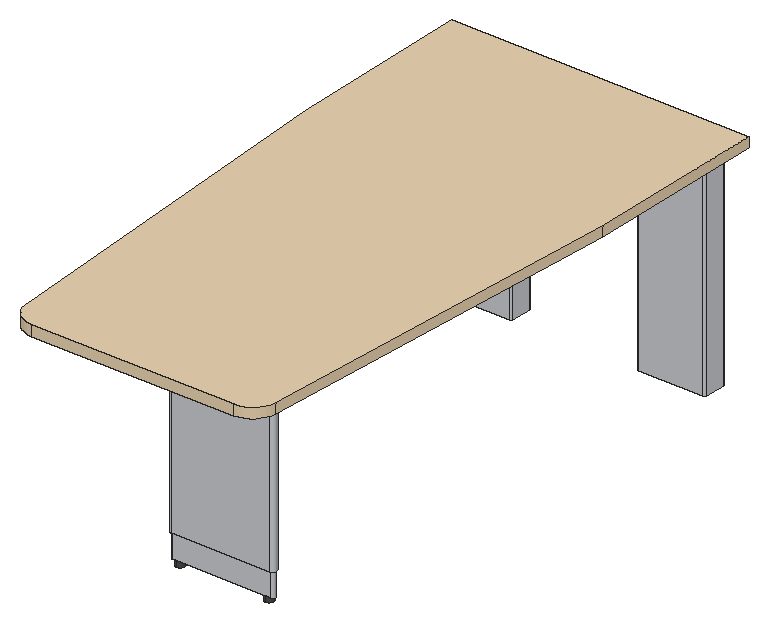
Revit family "Workstations-Multi_Level-Teknion-B_ATHP_HA_Tapered_Peninsula_High_Secondary_Desk_Bevel_Post_Leg-R2018", category Furniture, Revit 2018
Family settings
  OmniClass Number = 23.40.20.00
  OmniClass Title = General Furniture and Specialties
  Work Plane-Based = No
  Always vertical = Yes
  Cut with Voids When Loaded = No
  Shared = Yes
  Room Calculation Point = No
Parameters (values of type "1-3/16" Worksurface Thickness, Extended Range - 29" to 48", 35" Depth")
  Worksurface Thickness = 1.189"
  Worksurface Finish [instance] = Foundation Laminate - Teknion - HX - Costal Elm
  Width [instance] = 69.000"
  Warranty = "http://www.teknion.com/ca/papers/legal-canada"
  Unit Weight URL = "http://www.teknion.com/ca/tools/assets#&asset=bee6a381-b954-425e-8283-5a2de3a804f2,f828d448-4b62-4231-9e5f-9a8991c0ed77"
  URL = "www.teknion.com"
  To render please download texture images found here [instance] = "https://assets.teknion.com/web/5e81352c1dfdb467/revit-material-swatches/"
  Sustainability Data = "https://www.teknion.com/ca/tools/assets#&topic=216f99a5-57a0-44fc-b10a-9dee9b29ae4c&asset=444deb64-fe58-4b68-981e-f75e97781df7,b4ff2d81-9f2e-437d-9659-7cffb09c31cf"
  Suspended Modesty Panel Options [instance] = if(Depth = 45.760", "No Suspended Modesty Panel only applicable option with 46\" Depth", "Select one of the options below:")  # "Select one of the options below:"
  Suspended Modesty Panel Height Options [instance] = "Select one of the options below:"  # constant formula
  Suspended Modesty Panel - Solid Finish [instance] = Veneer-Teknion-5T-Flintwood-White_Truffle (Long Grain)
  Suspended Modesty Panel - Solid [instance] = no
  Suspended Modesty Panel - Metal Finish [instance] = Paint - Teknion - Mica - Very White
  Suspended Modesty Panel - Metal [instance] = no
  Suspended Modesty Panel - Glass Hardware Finish [instance] = Paint - Teknion - Mica - Very White
  Suspended Modesty Panel - Glass Finish [instance] = Glass - Teknion - FT - Frosted Glass
  Suspended Modesty Panel - Glass [instance] = no
  Suspended Modesty Panel - Felt Finish [instance] = Fabric-Teknion-RB13-Carrera
  Suspended Modesty Panel - Felt [instance] = no
  Square Grommet Cut-out Hole Depth [instance] = if(Has Offset Rectangular & Square Grommet, Actual Height, Actual Height - 2.000")  # 25.807"
  Series = "Expansion Casegoods"  # constant formula
  Secondary Desk Offset [instance] = if([Connects to 20" Depth High Secondary Desk], 19.000", 23.000")  # 19.000"
  Rectangle [instance] = or(Has Offset Rectangular Grommet, Has Offset Rectangular & Square Grommet)  # no
  Product Page URL = "https://www.teknion.com/ca/products/product-details?productLineId=0053336e-8e7a-673b-a6c8-ff00004460c4"
  Product Line = "Expansion Casegoods"  # constant formula
  Product Documentation Link #5 = "https://www.teknion.com/pricing/expansion-casegoods/pdfs/BASMM_ppg.pdf"
  Product Documentation Link #4 = "https://www.teknion.com/pricing/expansion-casegoods/pdfs/BASMG_ppg.pdf"
  Product Documentation Link #3 = "https://www.teknion.com/pricing/expansion-casegoods/pdfs/BASML_ppg.pdf"
  Product Documentation Link #2 = "https://www.teknion.com/pricing/expansion-casegoods/pdfs/BASME_ppg.pdf"
  Product Documentation Link = "https://www.teknion.com/pricing/expansion-casegoods/pdfs/B_ATHP_ppg.pdf"
  Part Number = "B_ATHP"  # constant formula
  No Suspended Modesty Panel [instance] = and(not([Suspended Modesty Panel - Felt]), not([Suspended Modesty Panel - Glass]), not([Suspended Modesty Panel - Solid]), not([Suspended Modesty Panel - Metal]))  # yes
  Modesty Panel Height [instance] = if([6" Height Suspended Modesty Panel], 6.636", 10.009")  # 6.636"
  Model = "BMATHPE35____"
  Manufacturer Phone = "416-661-3370"  # constant formula
  Manufacturer Fax = "416.661.4586"  # constant formula
  Manufacturer Contact Information = "http://www.teknion.com/ca/contactus"
  Manufacturer Address = "1150 Flint Road, Toronto, ON. M3J 2J5. Canada"  # constant formula
  Manufacturer = "Teknion"  # constant formula
  Leg Offset = 22.885"
  How To Use Teknion Materials User Guide [instance] = "https://assets.teknion.com/m/205dd0a49fa58060/original/How-to-add-a-Material-Library-and-Texture-Images-to-your-Revit-project.pdf"
  Height [instance] = 29.000"
  Has Offset Rectangular Grommet [instance] = no
  Has Offset Rectangular & Square Grommet [instance] = no
  Has No Grommet [instance] = not(or(Has Offset Rectangular & Square Grommet, Has Offset Rectangular Grommet))  # yes
  Grommet Option Note [instance] = if(Depth = 45.760", "No Grommet only applicable option with 46\" Depth", "Select one option below")  # "Select one option below"
  Grommet Finish [instance] = Paint - Teknion - Mica - Anthracite
  For Additional Finishes please visit [instance] = "https://assets.teknion.com/m/44a8009b046e5d47/original/Teknion_Materials_Library.zip"
  Description = "Height-Adjustable Tapered Peninsula – High Secondary Desk – Bevel post Leg,1-3/16\" Worksurface Thickness, Extended Range - 29\" to 48\", 35\" Depth"
  Connection to Secndary Desk Note [instance] = "Select one option below"  # constant formula
  Depth = 35.000"
  Connection Node Visibility [instance] = yes
  Base Finish [instance] = Paint - Teknion - Foundation - Very White
  Available Widths [instance] = "69\", 75\", 81\", and 87\""  # constant formula
  Available Heights [instance] = "29\" to 48\" in 1\" increments."  # constant formula
  Assembly Code = "E2020200"
  Actual Height [instance] = Height - 1.193"  # 27.807"
  Connects to 24" Depth High Secondary Desk [instance] = no
  Connects to 20" Depth High Secondary Desk [instance] = not([Connects to 24" Depth High Secondary Desk])  # yes
  6" Height Suspended Modesty Panel [instance] = not([10" Height Suspended Modesty Panel])  # yes
  10" Height Suspended Modesty Panel [instance] = no
Types (7): name | Worksurface Thickness | Width | Suspended Modesty Panel Options | Model | Leg Offset | Grommet Option Note | Description | Depth
  (no name) | 1.189" | 69.000" | "Select one of the options below:" | "BMATHPE35____" | 22.885" | "Select one option below" | "Height-Adjustable Tapered Peninsula – High Secondary Desk – Bevel post Leg,1-3/16\" Worksurface Thickness, Extended Range - 29\" to 48\", 35\" Depth" | 35.000"
  1-3/16" Worksurface Thickness, Extended Range - 29" to 48", 46" Depth | 1.189" | 69.000" | "No Suspended Modesty Panel only applicable option with 46\" Depth" | "BMATHPE46____" | 25.373" | "No Grommet only applicable option with 46\" Depth" | "Height-Adjustable Tapered Peninsula – High Secondary Desk – Bevel post Leg,1-3/16\" Worksurface Thickness, Extended Range - 29\" to 48\", 46\" Depth" | 45.760"
  1-9/16" Worksurface Thickness, Extended Range - 29" to 48", 46" Depth | 1.555" | 87.000" | "No Suspended Modesty Panel only applicable option with 46\" Depth" | "BXATHPE46____" | 25.373" | "No Grommet only applicable option with 46\" Depth" | "Height-Adjustable Tapered Peninsula – High Secondary Desk – Bevel post Leg,1-9/16\" Worksurface Thickness, Extended Range - 29\" to 48\", 46\" Depth" | 45.760"
  1-3/16" Worksurface Thickness, Extended Range - 29" to 48", 41" Depth | 1.189" | 69.000" | "Select one of the options below:" | "BMATHPE41____" | 28.855" | "Select one option below" | "Height-Adjustable Tapered Peninsula – High Secondary Desk – Bevel post Leg,1-3/16\" Worksurface Thickness, Extended Range - 29\" to 48\", 41\" Depth" | 41.000"
  1-3/16" Worksurface Thickness, Extended Range - 29" to 48", 35" Depth | 1.189" | 69.000" | "Select one of the options below:" | "BMATHPE35____" | 22.885" | "Select one option below" | "Height-Adjustable Tapered Peninsula – High Secondary Desk – Bevel post Leg,1-3/16\" Worksurface Thickness, Extended Range - 29\" to 48\", 35\" Depth" | 35.000"
  1-9/16" Worksurface Thickness, Extended Range - 29" to 48", 41" Depth | 1.555" | 69.000" | "Select one of the options below:" | "BXATHPE41____" | 28.855" | "Select one option below" | "Height-Adjustable Tapered Peninsula – High Secondary Desk – Bevel post Leg,1-9/16\" Worksurface Thickness, Extended Range - 29\" to 48\", 41\" Depth" | 41.000"
  1-9/16" Worksurface Thickness, Extended Range - 29" to 48", 35" Depth | 1.555" | 69.000" | "Select one of the options below:" | "BXATHPE35____" | 22.885" | "Select one option below" | "Height-Adjustable Tapered Peninsula – High Secondary Desk – Bevel post Leg,1-9/16\" Worksurface Thickness, Extended Range - 29\" to 48\", 35\" Depth" | 35.000"
Reference planes (in)
  plane 1 "Center Front/Back": y = -2.68685
  plane 2: z = 0
  plane 3 "Center Left/Right": x = -1.98841
  plane 4 "Left": x = -19.48841
  plane 5 "Right": x = 15.51159
  plane 6 "Back": y = 31.81315
  plane 7 "Front": y = -37.18685
  plane 8 "Top": z = 27.807
  plane 9: z = 28.996
  plane 10: x = -13.43091
  plane 11: x = 9.45409
  plane 12: y = 12.81315
  plane 13: y = -23.18685
  plane 14: x = -7.98841
  plane 15: z = 21.171
Forms (in)
  Sweep 1, solid, material "Foundation Laminate - Teknion - HX - Costal Elm" <- "Worksurface Finish"
    path origin (0, -2.68685, 0) x (1, 0, 0) y (0, 0, 1)
      loop
        line (-1.98841, 28.996) -> (-1.98841, 27.807)
    profile origin (-1.98841, -2.68685, 28.4015) x (0, -1, 0) y (1, 0, 0)
      loop
        line (34.5, -11.89985) -> (34.5, 11.89985)
        arc (34.5, 11.89985) -> (33.71884, 13.86999) -> (31.79986, 14.76953) r 2.875
        line (31.79986, 14.76953) -> (-13.01123, 17.5) -> (-34.5, 17.5) -> (-34.5, -17.5) -> (-13.01123, -17.5) -> (31.79986, -14.76953)
        arc (31.79986, -14.76953) -> (33.71884, -13.86999) -> (34.5, -11.89985) r 2.875
  Sweep 2, solid, material "Paint - Teknion - Foundation - Very White" <- "Base Finish"
    path origin (-1.98841, 0, 0) x (0, 1, 0) y (0, 0, 1)
      loop
        line (-22.8324, 0.60236) -> (-22.8324, 3.44873)
    profile origin (-1.98841, -22.8324, 2.02555) x (0, -1, 0) y (1, 0, 0)
      loop
        arc (0.67491, -5.95568) -> (1.00671, -6.08305) -> (1.22059, -5.79921) r 0.29528
        line (1.22059, -5.79921) -> (1.22059, 5.79921)
        arc (1.22059, 5.79921) -> (1.00671, 6.08305) -> (0.67491, 5.95568) r 0.29528
        line (0.67491, 5.95568) -> (-1.22059, 2.92225) -> (-1.22059, -2.92225) -> (0.67491, -5.95568)
  Sweep 3, solid, material "Paint - Teknion - Foundation - Very White" <- "Base Finish"
    path origin (-1.98841, 0, 0) x (0, 1, 0) y (0, 0, 1)
      loop
        line (-22.8324, 3.44873) -> (-22.8324, 27.61802)
    profile origin (-1.98841, -22.8324, 15.53338) x (0, -1, 0) y (1, 0, 0)
      loop
        line (-1.35445, -2.96063) -> (0.56139, -6.02662)
        arc (0.56139, -6.02662) -> (1.0436, -6.21172) -> (1.35445, -5.79921) r 0.42913
        line (1.35445, -5.79921) -> (1.35445, 5.79921)
        arc (1.35445, 5.79921) -> (1.0436, 6.21172) -> (0.56139, 6.02662) r 0.42913
        line (0.56139, 6.02662) -> (-1.35445, 2.96063) -> (-1.35445, -2.96063)
  Sweep 4, solid, material "Plastic - Teknion - E - Ebony"
    path origin (-1.98841, 0, 0) x (0, 1, 0) y (0, 0, 1)
      loop
        line (-23.61462, 0) -> (-23.61462, 0.60236)
    profile origin (-1.98841, -23.61462, 0.30118) x (0, -1, 0) y (1, 0, 0)
      loop
        circle (-0.0137, -5.24899) r 0.5
      loop
        circle (-0.0137, 5.24899) r 0.5
  Sweep 5, solid, material "Paint - Teknion - Foundation - Very White" <- "Base Finish"
    path origin (-1.98841, 0, 0) x (0, 1, 0) y (0, 0, 1)
      loop
        line (-22.8324, 27.61802) -> (-22.8324, 27.807)
    profile origin (-1.98841, -22.8324, 27.71251) x (0, -1, 0) y (1, 0, 0)
      loop
        line (-4.92508, -6.29921) -> (3.81508, -6.29921) -> (3.81508, 6.29921) -> (-4.92508, 6.29921) -> (-4.92508, -6.29921)
  Sweep 6, solid, material "Paint - Teknion - Foundation - Very White" <- "Base Finish"
    path origin (-1.98841, 0, 0) x (0, 1, 0) y (0, 0, 1)
      loop
        line (-19.05225, 27.807) -> (-19.05225, 25.99598)
    profile origin (-1.98841, -19.05225, 26.90149) x (1, 0, 0) y (0, 1, 0)
      loop
        line (-1.89961, 2.14886) -> (-1.89961, -2.4257) -> (1.89961, -2.4257) -> (1.89961, 2.14886) -> (-1.89961, 2.14886)
  Sweep 7, solid, material "Paint - Teknion - Foundation - Very White" <- "Base Finish"
    path origin (0, 0, 0) x (1, 0, 0) y (0, 1, 0)
      loop
        line (-1.98841, -16.90339) -> (-1.98841, 10.81315)
    profile origin (-1.98841, -3.04512, 0) x (-1, 0, 0) y (0, 0, 1)
      loop
        line (3, 27.807) -> (-3, 27.807) -> (-3, 25.80709) -> (3, 25.80709) -> (3, 27.807)
  Sweep 8, solid, material "Paint - Teknion - Foundation - Very White" <- "Base Finish"
    path origin (0, -2.68685, 0) x (1, 0, 0) y (0, 0, 1)
      loop
        line (-1.98841, 2.41339) -> (-1.98841, 27.807)
    profile origin (-1.98841, -2.68685, 15.11019) x (-1, 0, 0) y (0, -1, 0)
      loop
        arc (7.66691, -30.68898) -> (7.49013, -30.7622) -> (7.41691, -30.93898) r 0.25
        line (7.41691, -30.93898) -> (7.41691, -33.37205)
        arc (7.41691, -33.37205) -> (7.49013, -33.54882) -> (7.66691, -33.62205) r 0.25
        line (7.66691, -33.62205) -> (15.21809, -33.62205)
        arc (15.21809, -33.62205) -> (15.39487, -33.54882) -> (15.46809, -33.37205) r 0.25
        line (15.46809, -33.37205) -> (15.46809, -30.93898)
        arc (15.46809, -30.93898) -> (15.39487, -30.7622) -> (15.21809, -30.68898) r 0.25
        line (15.21809, -30.68898) -> (7.66691, -30.68898)
      loop
        line (-7.66691, -30.68898) -> (-15.21809, -30.68898)
        arc (-15.21809, -30.68898) -> (-15.39487, -30.7622) -> (-15.46809, -30.93898) r 0.25
        line (-15.46809, -30.93898) -> (-15.46809, -33.37205)
        arc (-15.46809, -33.37205) -> (-15.39487, -33.54882) -> (-15.21809, -33.62205) r 0.25
        line (-15.21809, -33.62205) -> (-7.66691, -33.62205)
        arc (-7.66691, -33.62205) -> (-7.49013, -33.54882) -> (-7.41691, -33.37205) r 0.25
        line (-7.41691, -33.37205) -> (-7.41691, -30.93898)
        arc (-7.41691, -30.93898) -> (-7.49013, -30.7622) -> (-7.66691, -30.68898) r 0.25
  Sweep 9, solid, material "Paint - Teknion - Foundation - Very White" <- "Base Finish"
    path origin (0, -2.68685, 0) x (1, 0, 0) y (0, 0, 1)
      loop
        line (-1.98841, 27.05906) -> (-1.98841, 27.807)
    profile origin (-1.98841, -2.68685, 27.43303) x (-1, 0, 0) y (0, -1, 0)
      loop
        line (13.34211, -26.32874) -> (9.54289, -26.32874) -> (9.54289, -30.68898) -> (13.34211, -30.68898) -> (13.34211, -26.32874)
      loop
        line (-13.34211, -26.32874) -> (-13.34211, -30.68898) -> (-9.54289, -30.68898) -> (-9.54289, -26.32874) -> (-13.34211, -26.32874)
  Sweep 10, void
    path origin (0, -2.68685, 0) x (1, 0, 0) y (0, 0, 1)
      loop
        line (-1.98841, 25.807) -> (-1.98841, 27.807)
    profile origin (-1.98841, -2.68685, 26.807) x (-1, 0, 0) y (0, -1, 0)
      loop
        arc (4.46457, -12.02362) -> (4.75687, -11.90254) -> (4.87795, -11.61024) r 0.41339
        line (4.87795, -11.61024) -> (4.87795, -10.42126)
        arc (4.87795, -10.42126) -> (4.75687, -10.12895) -> (4.46457, -10.00787) r 0.41339
        line (4.46457, -10.00787) -> (3.27559, -10.00787)
        arc (3.27559, -10.00787) -> (2.98328, -10.12895) -> (2.8622, -10.42126) r 0.41339
        line (2.8622, -10.42126) -> (2.8622, -11.61024)
        arc (2.8622, -11.61024) -> (2.98328, -11.90254) -> (3.27559, -12.02362) r 0.41339
        line (3.27559, -12.02362) -> (4.46457, -12.02362)
  Sweep 11, solid, material "Paint - Teknion - Mica - Anthracite" <- "Grommet Finish", visible <- "Rectangle"
    path origin (0, -2.68685, 0) x (1, 0, 0) y (0, 0, 1)
      loop
        line (-1.98841, 28.996) -> (-1.98841, 29.15248)
    profile origin (-1.98841, -2.68685, 29.07424) x (-1, 0, 0) y (0, -1, 0)
      loop
        line (7.98811, -11.49468) -> (7.98811, -9.21607) -> (8.41346, -9.21607) -> (8.41346, -11.49468) -> (9.62282, -11.49468) -> (9.62282, -7.68859) -> (6.77876, -7.68859) -> (6.77876, -11.49468) -> (7.98811, -11.49468)
  Sweep 12, solid, material "Paint - Teknion - Mica - Anthracite" <- "Grommet Finish", visible <- "Rectangle"
    path origin (0, -2.68685, 0) x (1, 0, 0) y (0, 0, 1)
      loop
        line (-1.98841, 28.996) -> (-1.98841, 29.15248)
    profile origin (-1.98841, -2.68685, 29.07424) x (-1, 0, 0) y (0, -1, 0)
      loop
        line (9.62282, -14.34291) -> (9.62282, -11.49568) -> (6.77876, -11.49568) -> (6.77876, -14.34291) -> (9.62282, -14.34291)
  Sweep 13, solid, material "Veneer-Teknion-5T-Flintwood-White_Truffle (Long Grain)" <- "Suspended Modesty Panel - Solid Finish", visible <- "Suspended Modesty Panel - Solid"
    path origin (0, 0, 0) x (1, 0, 0) y (0, 1, 0)
      loop
        line (-7.98841, -2.68685) -> (-6.97241, -2.68685)
    profile origin (-7.48041, -2.68685, 0) x (0, 1, 0) y (0, 0, 1)
      loop
        line (15.5, 21.171) -> (15.5, 27.807) -> (-20.5, 27.807) -> (-20.5, 21.171) -> (15.5, 21.171)
  Sweep 14, solid, material "Glass - Teknion - FT - Frosted Glass" <- "Suspended Modesty Panel - Glass Finish", visible <- "Suspended Modesty Panel - Glass"
    path origin (0, 0, 0) x (1, 0, 0) y (0, 1, 0)
      loop
        line (-7.98841, -2.68685) -> (-7.75241, -2.68685)
    profile origin (-7.87041, -2.68685, 0) x (0, 1, 0) y (0, 0, 1)
      loop
        line (15.5, 21.171) -> (15.5, 27.807) -> (-20.5, 27.807) -> (-20.5, 21.171) -> (15.5, 21.171)
  Sweep 15, solid, material "Paint - Teknion - Mica - Very White" <- "Suspended Modesty Panel - Glass Hardware Finish", visible <- "Suspended Modesty Panel - Glass"
    path origin (0, 0, 0) x (1, 0, 0) y (0, 1, 0)
      loop
        line (-7.75241, -2.68685) -> (-7.36241, -2.68685)
    profile origin (-7.55741, -2.68685, 0) x (0, 1, 0) y (0, 0, 1)
      loop
        line (10.327, 27.693) -> (-15.327, 27.693) -> (-15.327, 26.504) -> (10.327, 26.504) -> (10.327, 27.693)
  Sweep 16, solid, material "Fabric-Teknion-RB13-Carrera" <- "Suspended Modesty Panel - Felt Finish", visible <- "Suspended Modesty Panel - Felt"
    path origin (0, 0, 0) x (1, 0, 0) y (0, 1, 0)
      loop
        line (-1.98841, -23.18685) -> (-1.98841, 12.81315)
    profile origin (-1.98841, -5.18685, 0) x (-1, 0, 0) y (0, 0, 1)
      loop
        line (6, 21.171) -> (6, 27.216) -> (5.724, 27.216) -> (5.724, 21.171) -> (6, 21.171)
      loop
        line (5.401, 21.171) -> (5.677, 21.171) -> (5.677, 27.216) -> (5.401, 27.216) -> (5.401, 21.171)
  Sweep 17, solid, material "Plastic - Teknion - E - Ebony", visible <- "Suspended Modesty Panel - Felt"
    path origin (0, 0, 0) x (1, 0, 0) y (0, 1, 0)
      loop
        line (-1.98841, 12.81315) -> (-1.98841, -23.18685)
    profile origin (-1.98841, -5.18685, 0) x (1, 0, 0) y (0, 0, 1)
      loop
        line (-5.724, 21.171) -> (-5.677, 21.171) -> (-5.677, 27.758) -> (-5.135, 27.758) -> (-5.135, 27.128) -> (-5.086, 27.128) -> (-5.086, 27.807) -> (-5.724, 27.807) -> (-5.724, 21.171)
  Sweep 18, solid, material "Paint - Teknion - Mica - Very White" <- "Suspended Modesty Panel - Metal Finish", visible <- "Suspended Modesty Panel - Metal"
    path origin (0, 0, 0) x (1, 0, 0) y (0, 1, 0)
      loop
        line (-1.98841, -23.18685) -> (-1.98841, 12.81315)
    profile origin (-1.98841, -5.18685, 0) x (-1, 0, 0) y (0, 0, 1)
      loop
        line (6, 27.807) -> (4.98425, 27.807) -> (4.98425, 21.171) -> (6, 21.171) -> (6, 27.807)
  Sweep 19, void
    path origin (0, 0, 0) x (1, 0, 0) y (0, 1, 0)
      loop
        line (-7.94041, -2.68685) -> (-6.97266, -2.68685)
    profile origin (-7.45654, -2.68685, 0) x (0, 1, 0) y (0, 0, 1)
      loop
        line (-19.3563, 26.03535) -> (-19.3563, 22.43102) -> (14.3563, 22.43102) -> (14.3563, 26.03535) -> (-19.3563, 26.03535)
Cuts and joins
  joined: Sweep 8, Sweep 9
  Sweep 10 cuts Sweep 1
  Sweep 19 cuts Sweep 18
Lines and regions (in)
  Masking region 1
    outline origin (0, 0, 0) x (1, 0, 0) y (0, 1, 0)
      loop
        line (-13.88826, -37.18685) -> (9.91144, -37.18685)
        arc (9.91144, -37.18685) -> (11.88158, -36.40569) -> (12.78112, -34.48671) r 2.875
        line (12.78112, -34.48671) -> (15.51159, 10.32438) -> (15.51159, 31.81315) -> (-19.48841, 31.81315) -> (-19.48841, 10.32438) -> (-16.75794, -34.48671)
        arc (-16.75794, -34.48671) -> (-15.8584, -36.40569) -> (-13.88826, -37.18685) r 2.875
  symbolic lines, style "FurnitureHiddenLines", detail levels medium+fine
    curve 1: line (4.3108, -17.90732, 0) -> (-8.28762, -17.90732, 0)
    curve 2: line (-8.28762, -17.90732, 0) -> (-8.28762, -26.64748, 0)
    curve 3: line (-8.28762, -26.64748, 0) -> (4.3108, -26.64748, 0)
    curve 4: line (4.3108, -26.64748, 0) -> (4.3108, -17.90732, 0)
    curve 5: line (-4.94904, -21.47795, 0) -> (-8.01503, -23.39379, 0)
    curve 6: line (0.97222, -21.47795, 0) -> (-4.94904, -21.47795, 0)
    curve 7: line (4.03821, -23.39379, 0) -> (0.97222, -21.47795, 0)
    curve 8: line (-7.78762, -24.18685, 0) -> (3.8108, -24.18685, 0)
    curve 9: arc (4.03821, -23.39379, 0) -> (4.22331, -23.876, 0) -> (3.8108, -24.18685, 0) r 0.42913
    curve 10: arc (-7.78762, -24.18685, 0) -> (-8.20013, -23.876, 0) -> (-8.01503, -23.39379, 0) r 0.42913
    curve 21: line (-0.0888, -21.47795, 0) -> (-0.0888, -16.90339, 0)
    curve 22: line (-0.0888, -16.90339, 0) -> (-3.88802, -16.90339, 0)
    curve 23: line (-3.88802, -16.90339, 0) -> (-3.88802, -21.47795, 0)
    curve 26: line (-11.5313, 28.00212, 0) -> (-9.65532, 28.00212, 0)
    curve 27: arc (-9.65532, 28.00212, 0) -> (-9.47854, 28.07535, 0) -> (-9.40532, 28.25212, 0) r 0.25
    curve 28: line (-9.40532, 28.25212, 0) -> (-9.40532, 30.6852, 0)
    curve 29: arc (-9.40532, 30.6852, 0) -> (-9.47854, 30.86197, 0) -> (-9.65532, 30.9352, 0) r 0.25
    curve 30: line (-9.65532, 30.9352, 0) -> (-17.2065, 30.9352, 0)
    curve 31: arc (-17.2065, 30.9352, 0) -> (-17.38328, 30.86197, 0) -> (-17.4565, 30.6852, 0) r 0.25
    curve 32: line (-17.4565, 30.6852, 0) -> (-17.4565, 28.25212, 0)
    curve 33: arc (-17.4565, 28.25212, 0) -> (-17.38328, 28.07535, 0) -> (-17.2065, 28.00212, 0) r 0.25
    curve 34: line (-17.2065, 28.00212, 0) -> (-15.33052, 28.00212, 0)
    curve 35: line (-15.33052, 28.00212, 0) -> (-15.33052, 23.64189, 0)
    curve 36: line (-15.33052, 23.64189, 0) -> (-11.5313, 23.64189, 0)
    curve 37: line (-11.5313, 23.64189, 0) -> (-11.5313, 28.00212, 0)
    curve 38: line (7.55448, 28.00212, 0) -> (7.55448, 23.64189, 0)
    curve 39: line (7.55448, 23.64189, 0) -> (11.3537, 23.64189, 0)
    curve 40: line (11.3537, 23.64189, 0) -> (11.3537, 28.00212, 0)
    curve 41: line (11.3537, 28.00212, 0) -> (13.22968, 28.00212, 0)
    curve 42: arc (13.22968, 28.00212, 0) -> (13.40646, 28.07535, 0) -> (13.47968, 28.25212, 0) r 0.25
    curve 43: line (13.47968, 28.25212, 0) -> (13.47968, 30.6852, 0)
    curve 44: arc (13.47968, 30.6852, 0) -> (13.40646, 30.86197, 0) -> (13.22968, 30.9352, 0) r 0.25
    curve 45: line (13.22968, 30.9352, 0) -> (5.6785, 30.9352, 0)
    curve 46: arc (5.6785, 30.9352, 0) -> (5.50172, 30.86197, 0) -> (5.4285, 30.6852, 0) r 0.25
    curve 47: line (5.4285, 30.6852, 0) -> (5.4285, 28.25212, 0)
    curve 48: arc (5.4285, 28.25212, 0) -> (5.50172, 28.07535, 0) -> (5.6785, 28.00212, 0) r 0.25
    curve 49: line (5.6785, 28.00212, 0) -> (7.55448, 28.00212, 0)
    curve 52: line (1.01159, -16.90339, 0) -> (1.01159, 10.81315, 0)
    curve 53: line (1.01159, 10.81315, 0) -> (-4.98841, 10.81315, 0)
    curve 54: line (-4.98841, 10.81315, 0) -> (-4.98841, -16.90339, 0)
    curve 55: line (-4.98841, -16.90339, 0) -> (1.01159, -16.90339, 0)
  symbolic lines, style "FurnitureHiddenLines", detail levels fine
    curve 11: line (-4.91066, -21.61181, 0) -> (-7.9441, -23.50731, 0)
    curve 12: line (0.93384, -21.61181, 0) -> (-4.91066, -21.61181, 0)
    curve 13: line (-7.78762, -24.05299, 0) -> (3.8108, -24.05299, 0)
    curve 14: line (3.96727, -23.50731, 0) -> (0.93384, -21.61181, 0)
    curve 15: arc (3.96727, -23.50731, 0) -> (4.09464, -23.83911, 0) -> (3.8108, -24.05299, 0) r 0.29528
    curve 16: arc (-7.78762, -24.05299, 0) -> (-8.07146, -23.83911, 0) -> (-7.9441, -23.50731, 0) r 0.29528
    curve 17: arc (-7.2374, -24.10091, 0) -> (-7.7374, -23.60091, 0) -> (-7.2374, -23.10091, 0) r 0.5
    curve 18: arc (-7.2374, -23.10091, 0) -> (-6.7374, -23.60091, 0) -> (-7.2374, -24.10091, 0) r 0.5
    curve 19: arc (3.26058, -23.10091, 0) -> (3.76058, -23.60091, 0) -> (3.26058, -24.10091, 0) r 0.5
    curve 20: arc (3.26058, -24.10091, 0) -> (2.76058, -23.60091, 0) -> (3.26058, -23.10091, 0) r 0.5
    curve 50: line (-15.33052, 28.00212, 0) -> (-11.5313, 28.00212, 0)
    curve 51: line (7.55448, 28.00212, 0) -> (11.3537, 28.00212, 0)
  reference lines
    curve 24: line (-19.48841, 31.81315, 0) -> (15.51159, 31.81315, 0)
    curve 25: line (-19.48841, -37.18685, 0) -> (15.51159, -37.18685, 0)
  symbolic lines, style "Furniture", visible <- "Has Offset Rectangular & Square Grommet"
    curve 56: line (-5.264, 9.33677, 0) -> (-6.45298, 9.33677, 0)
    curve 57: arc (-6.45298, 9.33677, 0) -> (-6.74529, 9.21569, 0) -> (-6.86636, 8.92338, 0) r 0.41339
    curve 58: line (-6.86636, 8.92338, 0) -> (-6.86636, 7.73441, 0)
    curve 59: arc (-6.86636, 7.73441, 0) -> (-6.74529, 7.4421, 0) -> (-6.45298, 7.32102, 0) r 0.41339
    curve 60: line (-6.45298, 7.32102, 0) -> (-5.264, 7.32102, 0)
    curve 61: arc (-5.264, 7.32102, 0) -> (-4.97169, 7.4421, 0) -> (-4.85062, 7.73441, 0) r 0.41339
    curve 62: line (-4.85062, 7.73441, 0) -> (-4.85062, 8.92338, 0)
    curve 63: arc (-4.85062, 8.92338, 0) -> (-4.97169, 9.21569, 0) -> (-5.264, 9.33677, 0) r 0.41339
  symbolic lines, style "FurnitureHiddenLines", visible <- "Suspended Modesty Panel - Solid", detail levels medium+fine
    curve 64: line (-6.97241, 12.81315, 0) -> (-7.98841, 12.81315, 0)
    curve 65: line (-7.98841, 12.81315, 0) -> (-7.98841, -23.18685, 0)
    curve 66: line (-7.98841, -23.18685, 0) -> (-6.97241, -23.18685, 0)
    curve 67: line (-6.97241, -23.18685, 0) -> (-6.97241, 12.81315, 0)
  symbolic lines, style "FurnitureHiddenLines", visible <- "Suspended Modesty Panel - Metal", detail levels medium+fine
    curve 68: line (-7.98841, 12.81315, 0) -> (-7.98841, -23.18685, 0)
    curve 84: line (-6.97266, 12.81315, 0) -> (-7.98841, 12.81315, 0)
    curve 85: line (-7.98841, 12.81315, 0) -> (-7.98841, -23.18685, 0)
    curve 86: line (-7.98841, -23.18685, 0) -> (-6.97266, -23.18685, 0)
    curve 87: line (-6.97266, -23.18685, 0) -> (-6.97266, 12.81315, 0)
    curve 88: line (-7.94041, -22.04315, 0) -> (-6.97266, -22.04315, 0)
    curve 89: line (-7.94041, -22.04315, 0) -> (-7.94041, 11.66945, 0)
    curve 90: line (-6.97266, 11.66945, 0) -> (-7.94041, 11.66945, 0)
  symbolic lines, style "FurnitureHiddenLines", visible <- "Suspended Modesty Panel - Glass", detail levels medium+fine
    curve 69: line (-7.75241, -23.18685, 0) -> (-7.75241, 12.81315, 0)
    curve 70: line (-7.75241, 12.81315, 0) -> (-7.98841, 12.81315, 0)
    curve 71: line (-7.98841, 12.81315, 0) -> (-7.98841, -23.18685, 0)
    curve 72: line (-7.98841, -23.18685, 0) -> (-7.75241, -23.18685, 0)
    curve 73: line (-7.36241, 7.64015, 0) -> (-7.75241, 7.64015, 0)
    curve 74: line (-7.36241, -18.01385, 0) -> (-7.36241, 7.64015, 0)
    curve 75: line (-7.75241, -18.01385, 0) -> (-7.36241, -18.01385, 0)
  symbolic lines, style "FurnitureHiddenLines", visible <- "Suspended Modesty Panel - Felt", detail levels medium+fine
    curve 76: line (-7.98841, 12.81315, 0) -> (-7.07441, 12.81315, 0)
    curve 77: line (-7.98841, -23.18685, 0) -> (-7.07441, -23.18685, 0)
    curve 78: line (-7.98841, 12.81315, 0) -> (-7.98841, -23.18685, 0)
    curve 79: line (-7.71241, 12.81315, 0) -> (-7.71241, -23.18685, 0)
    curve 80: line (-7.66541, -23.18685, 0) -> (-7.66541, 12.81315, 0)
    curve 81: line (-7.38941, -23.18685, 0) -> (-7.38941, 12.81315, 0)
    curve 82: line (-7.12341, 12.81315, 0) -> (-7.12341, -23.18685, 0)
    curve 83: line (-7.07441, -23.18685, 0) -> (-7.07441, 12.81315, 0)
  symbolic lines, visible <- "Rectangle"
    curve 91: line (-11.61123, 8.80883, 0) -> (-8.76717, 8.80883, 0)
    curve 92: line (-8.76717, 8.80883, 0) -> (-8.76717, 11.65605, 0)
    curve 93: line (-8.76717, 11.65605, 0) -> (-11.61123, 11.65605, 0)
    curve 94: line (-11.61123, 11.65605, 0) -> (-11.61123, 8.80883, 0)
    curve 95: line (-11.61123, 8.80883, 0) -> (-11.61123, 5.00174, 0)
    curve 96: line (-11.61123, 5.00174, 0) -> (-8.76717, 5.00174, 0)
    curve 97: line (-8.76717, 5.00174, 0) -> (-8.76717, 8.80883, 0)
    curve 98: line (-9.97652, 8.80783, 0) -> (-9.97652, 6.52922, 0)
    curve 99: line (-9.97652, 6.52922, 0) -> (-10.40187, 6.52922, 0)
    curve 100: line (-10.40187, 6.52922, 0) -> (-10.40187, 8.80783, 0)
Dimensions and locks (in)
  "Depth": plane 4 "Left" to plane 5 "Right"
  "Width": plane 6 "Back" to plane 7 "Front"
  "Actual Height": plane 8 "Top" to level
  equal spacing: plane 4 "Left", plane 3 "Center Left/Right", plane 5 "Right"
  equal spacing: plane 7 "Front", plane 1 "Center Front/Back", plane 6 "Back"
  "Worksurface Thickness": plane 9 to plane 8 "Top"
  locked: plane 4 "Left" to Sweep 1 sketch curve at 5.60015
  locked: plane 7 "Front" to Sweep 1 sketch curve at 2.875  (x2)
  locked: Sweep 1 sketch curve to plane 5 "Right" at 5.60015
  locked: plane 8 "Top" to Sweep 2 sketch curve at 24.35827
  plane 7 "Front" to Sweep 2 sketch curve to Sweep 2 sketch curve to Sweep 2 sketch curve to Sweep 2 sketch curve = 13.13386" locked, 0.29528" locked, 0.000" locked, 2.14591" locked
  Sweep 2 sketch curve to Sweep 2 sketch curve to plane 3 "Center Left/Right" to Sweep 2 sketch curve to Sweep 2 sketch curve = 2.87697" locked, 2.92225" locked, 2.92225" locked, 2.87697" locked
  locked: plane 7 "Front" to Sweep 1 sketch curve at 2.70014  (x2)
  plane 4 "Left" to Sweep 1 sketch curve to Sweep 1 sketch curve = 2.73047" locked, 2.86968" locked
  Sweep 1 sketch curve to Sweep 1 sketch curve to plane 5 "Right" = 2.86968" locked, 2.73047" locked
  locked: plane 6 "Back" to Sweep 1 sketch curve at 21.48877  (x2)
  locked: Sweep 2 sketch curve to plane 2 at 0.60236
  plane 8 "Top" to Sweep 3 sketch curve to Sweep 3 sketch curve = 0.18898" locked, 24.16929" locked
  Sweep 3 sketch curve to Sweep 3 sketch curve to plane 3 "Center Left/Right" to Sweep 3 sketch curve to Sweep 3 sketch curve = 2.83858" locked, 2.96063" locked, 2.96063" locked, 2.83858" locked
  plane 7 "Front" to Sweep 3 sketch curve to Sweep 3 sketch curve to Sweep 3 sketch curve to Sweep 3 sketch curve = 13.000" locked, 0.42913" locked, 0.000" locked, 2.27977" locked
  locked: Sweep 4 sketch curve to plane 2 at 0.60236
  Sweep 4 sketch curve to plane 3 "Center Left/Right" to Sweep 4 sketch curve = 5.24899" locked, 5.24899" locked
  plane 7 "Front" to Sweep 4 sketch curve to Sweep 4 sketch curve = 13.58594" locked, 0.000" locked
  locked: plane 8 "Top" to Sweep 5 sketch curve at 0.18898
  plane 7 "Front" to Sweep 5 sketch curve to Sweep 5 sketch curve = 10.53937" locked, 8.74016" locked
  Sweep 5 sketch curve to plane 3 "Center Left/Right" to Sweep 5 sketch curve = 6.29921" locked, 6.29921" locked
  locked: plane 8 "Top" to Sweep 6 sketch curve at 1.81102
  plane 7 "Front" to Sweep 6 sketch curve to Sweep 6 sketch curve = 15.7089" locked, 4.57456" locked
  Sweep 6 sketch curve to plane 3 "Center Left/Right" to Sweep 6 sketch curve = 1.89961" locked, 1.89961" locked
  locked: plane 4 "Left" to Masking region 1 sketch curve at 5.60015
  locked: plane 7 "Front" to Masking region 1 sketch curve at 2.875  (x2)
  locked: Masking region 1 sketch curve to plane 5 "Right" at 5.60015
  locked: plane 7 "Front" to Masking region 1 sketch curve at 2.70014  (x2)
  plane 4 "Left" to Masking region 1 sketch curve to Masking region 1 sketch curve = 2.73047" locked, 2.86968" locked
  Masking region 1 sketch curve to Masking region 1 sketch curve to plane 5 "Right" = 2.86968" locked, 2.73047" locked
  locked: plane 6 "Back" to Masking region 1 sketch curve at 21.48877  (x2)
  locked: plane 6 "Back" to Sweep 7 sketch curve at 21
  locked: plane 7 "Front" to Sweep 7 sketch curve at 20.28346
  plane 8 "Top" to Sweep 7 sketch curve to Sweep 7 sketch curve = 0.000" locked, 1.99991" locked
  Sweep 7 sketch curve to plane 3 "Center Left/Right" to Sweep 7 sketch curve = 3.000" locked, 3.000" locked
  equal spacing: plane 10, plane 3 "Center Left/Right", plane 11
  "Leg Offset": plane 10 to plane 11
  locked: Sweep 8 sketch curve to level at 2.41339
  locked: plane 8 "Top" to Sweep 8 sketch curve at 0
  plane 6 "Back" to Sweep 8 sketch curve to Sweep 8 sketch curve to Sweep 8 sketch curve to Sweep 8 sketch curve = 0.87795" locked, 0.000" locked, 2.93307" locked, 0.000" locked
  Sweep 8 sketch curve to plane 10 to Sweep 8 sketch curve = 4.02559" locked, 4.02559" locked
  Sweep 8 sketch curve to plane 11 to Sweep 8 sketch curve = 4.02559" locked, 4.02559" locked
  plane 8 "Top" to Sweep 9 sketch curve to Sweep 9 sketch curve = 0.000" locked, 0.74794" locked
  Sweep 9 sketch curve to plane 10 to Sweep 9 sketch curve = 1.89961" locked, 1.89961" locked
  Sweep 9 sketch curve to plane 11 to Sweep 9 sketch curve = 1.89961" locked, 1.89961" locked
  plane 6 "Back" to Sweep 9 sketch curve to Sweep 9 sketch curve to Sweep 9 sketch curve to Sweep 9 sketch curve = 3.81102" locked, 0.000" locked, 4.36024" locked, 0.000" locked
  locked: Sweep 10 sketch curve to Sweep 10 sketch curve at 2
  "Square Grommet Cut-out Hole Depth": Sweep 10 sketch curve to level
  Sweep 10 sketch curve to Sweep 10 sketch curve to plane 6 "Back" = 2.01575" locked, 22.47638" locked
  Sweep 10 sketch curve to Sweep 10 sketch curve to plane 3 "Center Left/Right" = 2.01575" locked, 2.8622" locked
  Sweep 11 sketch curve to plane 9 to Sweep 11 sketch curve = 0.000" locked, 0.15648" locked
  plane 6 "Back" to Sweep 11 sketch curve to Sweep 11 sketch curve to Sweep 11 sketch curve to Sweep 11 sketch curve = 23.00532" locked, 0.000" locked, 2.2786" locked, 1.52748" locked
  Sweep 11 sketch curve to Sweep 11 sketch curve to Sweep 11 sketch curve to Sweep 11 sketch curve to plane 3 "Center Left/Right" = 1.20936" locked, 0.42535" locked, 1.20936" locked, 6.77876" locked
  Sweep 12 sketch curve to plane 9 to Sweep 12 sketch curve = 0.000" locked, 0.15648" locked
  Sweep 12 sketch curve to Sweep 12 sketch curve to plane 6 "Back" = 2.84723" locked, 20.15709" locked
  Sweep 12 sketch curve to Sweep 12 sketch curve to plane 3 "Center Left/Right" = 2.84406" locked, 6.77876" locked
  "Secondary Desk Offset": plane 6 "Back" to plane 12
  locked: plane 13 to plane 7 "Front" at 14
  locked: plane 14 to plane 3 "Center Left/Right" at 6
  "Modesty Panel Height": plane 8 "Top" to plane 15
  plane 14 to Sweep 13 sketch curve to Sweep 13 sketch curve = 0.000" locked, 1.016" locked
  plane 14 to Sweep 14 sketch curve to Sweep 14 sketch curve = 0.000" locked, 0.236" locked
  plane 14 to Sweep 15 sketch curve to Sweep 15 sketch curve = 0.236" locked, 0.390" locked
  plane 8 "Top" to Sweep 15 sketch curve to Sweep 15 sketch curve = 0.114" locked, 1.189" locked
  locked: plane 12 to Sweep 15 sketch curve at 5.173
  locked: Sweep 15 sketch curve to plane 13 at 5.173
  plane 15 to Sweep 14 to Sweep 16 sketch curve = 0.000" locked, 0.000" locked
  plane 8 "Top" to Sweep 16 sketch curve to Sweep 16 sketch curve = 0.591" locked, 0.000" locked
  Sweep 16 sketch curve to Sweep 16 sketch curve to Sweep 16 sketch curve to plane 14 to Sweep 16 sketch curve = 0.276" locked, 0.047" locked, 0.276" locked, 0.000" locked
  plane 8 "Top" to Sweep 17 sketch curve to Sweep 17 sketch curve to Sweep 17 sketch curve = 0.000" locked, 0.049" locked, 0.630" locked
  Sweep 17 sketch curve to Sweep 17 sketch curve to Sweep 17 sketch curve to Sweep 17 sketch curve to plane 14 = 0.049" locked, 0.542" locked, 0.047" locked, 0.276" locked
  Sweep 18 sketch curve to plane 14 to Sweep 18 sketch curve = 1.01575" locked, 0.000" locked
  locked: plane 8 "Top" to Sweep 18 sketch curve at 0
  locked: plane 15 to Sweep 18 sketch curve at 0
  Sweep 19 sketch curve to Sweep 19 sketch curve to plane 14 = 0.96775" locked, 0.048" locked
  locked: plane 8 "Top" to Sweep 19 sketch curve at 1.77165
  locked: Sweep 19 sketch curve to plane 15 at 1.26002
  locked: Sweep 19 sketch curve to plane 13 at 1.1437
  locked: plane 12 to Sweep 19 sketch curve at 1.1437
  aligned and locked: level to plane 2
  aligned and locked: plane 8 "Top" to Sweep 1 sketch curve
  aligned and locked: plane 9 to Sweep 1 sketch curve
  aligned and locked: Sweep 1 sketch curve to plane 3 "Center Left/Right"
  aligned and locked: Sweep 1 sketch curve to plane 4 "Left"
  aligned and locked: Sweep 1 sketch curve to plane 5 "Right"
  aligned and locked: plane 6 "Back" to Sweep 1 sketch curve  (x2)
  aligned and locked: plane 2 to Sweep 4 sketch curve
  aligned and locked: plane 8 "Top" to Sweep 5 sketch curve
  aligned and locked: plane 8 "Top" to Sweep 6 sketch curve
  aligned and locked: curve 1 to Sweep 5
  aligned and locked: curve 2 to Sweep 5
  aligned and locked: curve 3 to Sweep 5
  aligned and locked: curve 4 to Sweep 5
  aligned and locked: curve 5 to Sweep 3
  aligned and locked: curve 6 to Sweep 3
  aligned and locked: curve 9 to Sweep 3
  aligned and locked: curve 10 to Sweep 3
  aligned and locked: curve 11 to Sweep 2
  aligned and locked: curve 12 to Sweep 2
  aligned and locked: curve 15 to Sweep 2
  aligned and locked: curve 16 to Sweep 2
  aligned and locked: curve 17 to Sweep 4
  aligned and locked: curve 18 to Sweep 4
  aligned and locked: curve 19 to Sweep 4
  aligned and locked: curve 20 to Sweep 4
  aligned and locked: curve 21 to Sweep 6
  aligned and locked: curve 22 to Sweep 6
  aligned and locked: curve 23 to Sweep 6
  aligned and locked: Masking region 1 sketch curve to plane 4 "Left"
  aligned and locked: Masking region 1 sketch curve to plane 5 "Right"
  aligned and locked: plane 6 "Back" to Masking region 1 sketch curve  (x2)
  aligned and locked: curve 24 to plane 6 "Back"
  aligned and locked: plane 7 "Front" to curve 25
  aligned and locked: nested 1 to plane 6 "Back"
  aligned and locked: plane 3 "Center Left/Right" to nested 1
  aligned and locked: plane 3 "Center Left/Right" to Sweep 7 sketch curve
  aligned and locked: plane 3 "Center Left/Right" to Sweep 8 sketch curve
  aligned and locked: plane 3 "Center Left/Right" to Sweep 9 sketch curve
  aligned and locked: cut or joined group of Sweep 8, Sweep 9 to curve 26
  aligned and locked: curve 27 to cut or joined group of Sweep 8, Sweep 9
  aligned and locked: curve 29 to cut or joined group of Sweep 8, Sweep 9
  aligned and locked: curve 31 to cut or joined group of Sweep 8, Sweep 9
  aligned and locked: curve 33 to cut or joined group of Sweep 8, Sweep 9
  aligned and locked: curve 35 to cut or joined group of Sweep 8, Sweep 9
  aligned and locked: curve 36 to cut or joined group of Sweep 8, Sweep 9
  aligned and locked: curve 37 to cut or joined group of Sweep 8, Sweep 9
  aligned and locked: curve 38 to cut or joined group of Sweep 8, Sweep 9
  aligned and locked: curve 39 to cut or joined group of Sweep 8, Sweep 9
  aligned and locked: curve 40 to cut or joined group of Sweep 8, Sweep 9
  aligned and locked: cut or joined group of Sweep 8, Sweep 9 to curve 41
  aligned and locked: curve 42 to cut or joined group of Sweep 8, Sweep 9
  aligned and locked: curve 44 to cut or joined group of Sweep 8, Sweep 9
  aligned and locked: curve 46 to cut or joined group of Sweep 8, Sweep 9
  aligned and locked: curve 48 to cut or joined group of Sweep 8, Sweep 9
  aligned and locked: curve 34 to curve 50
  aligned and locked: curve 49 to curve 51
  aligned and locked: curve 52 to Sweep 7
  aligned and locked: curve 53 to Sweep 7
  aligned and locked: curve 54 to Sweep 7
  aligned and locked: curve 55 to Sweep 7
  aligned and locked: plane 3 "Center Left/Right" to Sweep 10 sketch curve
  aligned and locked: curve 57 to Sweep 10
  aligned and locked: curve 59 to Sweep 10
  aligned and locked: curve 61 to Sweep 10
  aligned and locked: curve 63 to Sweep 10
  aligned and locked: plane 3 "Center Left/Right" to Sweep 11 sketch curve
  aligned and locked: plane 3 "Center Left/Right" to Sweep 12 sketch curve
  aligned and locked: plane 1 "Center Front/Back" to Sweep 13 sketch curve
  aligned and locked: plane 12 to Sweep 13 sketch curve
  aligned and locked: plane 15 to Sweep 13 sketch curve
  aligned and locked: plane 13 to Sweep 13 sketch curve
  aligned and locked: plane 8 "Top" to Sweep 13 sketch curve
  aligned and locked: plane 1 "Center Front/Back" to Sweep 14 sketch curve
  aligned and locked: plane 15 to Sweep 14 sketch curve
  aligned and locked: plane 12 to Sweep 14 sketch curve
  aligned and locked: plane 8 "Top" to Sweep 14 sketch curve
  aligned and locked: plane 13 to Sweep 14 sketch curve
  aligned and locked: plane 1 "Center Front/Back" to Sweep 15 sketch curve
  aligned and locked: plane 3 "Center Left/Right" to Sweep 16 sketch curve
  aligned and locked: plane 12 to Sweep 16 sketch curve
  aligned and locked: plane 13 to Sweep 16 sketch curve
  aligned and locked: plane 12 to Sweep 17 sketch curve
  aligned and locked: Sweep 17 sketch curve to plane 3 "Center Left/Right"
  aligned and locked: plane 13 to Sweep 17 sketch curve
  aligned and locked: plane 15 to Sweep 17 sketch curve
  aligned and locked: curve 64 to Sweep 13
  aligned and locked: curve 65 to Sweep 13
  aligned and locked: curve 67 to Sweep 13
  aligned and locked: curve 69 to Sweep 14
  aligned and locked: curve 70 to Sweep 14
  aligned and locked: curve 71 to Sweep 14
  aligned and locked: curve 73 to Sweep 15
  aligned and locked: curve 74 to Sweep 15
  aligned and locked: curve 75 to Sweep 15
  aligned and locked: curve 76 to Sweep 17
  aligned and locked: curve 79 to Sweep 17
  aligned and locked: curve 80 to Sweep 17
  aligned and locked: curve 81 to Sweep 16
  aligned and locked: curve 82 to Sweep 17
  aligned and locked: curve 83 to Sweep 17
  aligned and locked: plane 12 to Sweep 18 sketch curve
  aligned and locked: plane 3 "Center Left/Right" to Sweep 18 sketch curve
  aligned and locked: plane 13 to Sweep 18 sketch curve
  aligned and locked: plane 1 "Center Front/Back" to Sweep 19 sketch curve
  aligned and locked: curve 84 to cut or joined group of Sweep 18, Sweep 19
  aligned and locked: curve 87 to cut or joined group of Sweep 18, Sweep 19
  aligned and locked: curve 86 to cut or joined group of Sweep 18, Sweep 19
  aligned and locked: curve 88 to cut or joined group of Sweep 18, Sweep 19
  aligned and locked: curve 89 to cut or joined group of Sweep 18, Sweep 19
  aligned and locked: curve 90 to cut or joined group of Sweep 18, Sweep 19
  aligned and locked: curve 91 to Sweep 12
  aligned and locked: curve 92 to Sweep 12
  aligned and locked: curve 93 to Sweep 12
  aligned and locked: curve 94 to Sweep 12
  aligned and locked: curve 95 to Sweep 11
  aligned and locked: curve 96 to Sweep 11
  aligned and locked: curve 97 to Sweep 11
  aligned and locked: curve 98 to Sweep 11
  aligned and locked: curve 99 to Sweep 11
  aligned and locked: curve 100 to Sweep 11
Automatic sketch dimensions
  Sweep 2 sketch curve to plane 7 "Front" = 14.35445"
  Sweep 2 sketch curve to Sweep 2 sketch curve = 0.25041"  (x2)
  Sweep 3 sketch curve to plane 7 "Front" = 14.35445"
  Sweep 3 sketch curve to Sweep 3 sketch curve = 0.36393"  (x2)
  Sweep 4 sketch curve to plane 7 "Front" = 13.57224"
  Sweep 5 sketch curve to plane 7 "Front" = 14.35445"
  plane 1 "Center Front/Back" to Sweep 6 sketch curve = 16.3654"
  curve 24 to plane 4 "Left" = 0.000"
  curve 24 to plane 5 "Right" = 0.000"
  curve 25 to plane 4 "Left" = 0.000"
  curve 25 to plane 5 "Right" = 0.000"
  Sweep 8 sketch curve to Sweep 8 sketch curve = 0.250"  (x6)
  Sweep 8 sketch curve to Sweep 8 sketch curve = 0.000"  (x2)
  Sweep 10 sketch curve to Sweep 10 sketch curve = 0.41339"  (x3)
  Sweep 10 sketch curve to Sweep 10 sketch curve = 1.18898"
  Sweep 16 sketch curve to Sweep 16 sketch curve = 0.000"
  curve 5 to plane 14 = 0.02662"
  plane 14 to curve 11 = 0.04432"
  curve 21 to curve 12 = 1.02264"
  curve 12 to curve 6 = 0.03838"
  curve 14 to plane 13 = 0.32046"
  curve 7 to plane 13 = 0.20694"
  curve 76 to curve 83 = 0.000"
  curve 77 to curve 83 = 0.000"
  curve 98 to curve 91 = 0.001"
  curve 100 to curve 98 = 0.000"
  radius of Sweep 4 sketch curve = 0.500"  (x2)
Nested families (in)
  nested 1: "Teknion_2D_Node_Family-R2016" at (-1.98841, 31.81315, 0), visible <- "Connection Node Visibility", type "Teknion_2D_Node_Family-R2016"
Definition of nested family "Teknion_2D_Node_Family-R2016"
  Reference planes (in)
    plane 1 "Center (Front/Back)": y = 0
    plane 2: z = 0
    plane 3 "Center (Left/Right)": x = 0
  Lines and regions (in)
    detail lines, in view "Ref. Level"
      curve 1: circle (0, 0, 0) r 1.25 normal (0, 0, 1)
      curve 2: line (1.91508, -1.91508, 0) -> (-1.91508, 1.91508, 0)
      curve 3: line (-1.91508, -1.91508, 0) -> (1.91508, 1.91508, 0)
